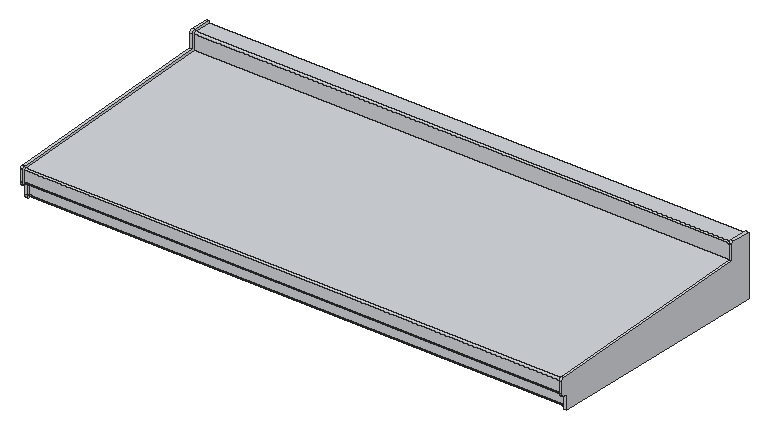
Revit family "LA_WH", category Generic Models, Revit 2022
Family settings
  Can host rebar = No
  Round Connector Dimension = Use Diameter
  Part Type = Normal
  Cut with Voids When Loaded = No
  Maintain Annotation Orientation = No
  Shared = No
  Room Calculation Point = No
Parameters (values of type "LA-WH.S500B")
  URL = "https://www.meilofriks.nl/luifels/type-la-vlak/"
  Start_extrusion_R [instance] = if(Eindschot Rechts, 6 mm, 0 mm)  # 6 mm
  Start_extrusion_L [instance] = if(Eindschot Links, 6 mm, 0 mm)  # 6 mm
  Rad_5 = 5.3 mm
  Rad_3 = 3.234 mm
  Model = "LA-WH.S500B"
  Manufacturer = "Meilof Riks B.V."  # constant formula
  built-in parameter 1001306 [instance] = 1200 mm
  Kleur [instance] = none
  Hoogte_voorzijde = 60 mm
  Hoogte_rug = 125 mm
  Eindschot Rechts [instance] = yes
  Eindschot Links [instance] = yes
  Diepte_luifel = 500 mm
  Description = "Luifel vlak"  # constant formula
  Default Elevation = 0 mm
Types (4, lengths in mm): name | Model | Diepte_luifel
  (no name) | "LA-WH.S500B" | 500
  LA-WH.S400B | "LA-WH.S400B" | 400
  LA-WH.S450B | "LA-WH.S450B" | 450
  LA-WH.S500B | "LA-WH.S500B" | 500
Reference planes
  plane 1 "Center (Front/Back)": y = 0
  plane 2: z = 0
  plane 3 "Left": x = 0
  plane 4 "Right": x = 1200
  plane 5: z = 125
  plane 6: z = 89
  plane 7: y = -42
  plane 8: y = -500
  plane 9: z = 60
  plane 10: y = -12.701
  plane 11: x = 1194
  plane 12: x = 6
  plane 13: z = 3.7
  plane 14: y = -480
  plane 15: y = -468
  plane 16: y = -456
  plane 17: y = -512
  plane 18: z = 30
Forms (mm)
  Extrusion 1, solid, material <- "Kleur"
    sketch origin (0, 0, 0) x (0, 1, 0) y (0, 0, 1)
      loop
        arc (-508.965, 60.187) -> (-511.122, 59.175) -> (-512, 56.96) r 3.234
        line (-512, 56.96) -> (-512, 33)
        arc (-512, 33) -> (-510.004, 30.012) -> (-506.48, 30.713) r 3.234
        line (-506.48, 30.713) -> (-500, 37.193) -> (-500, 3.234)
        arc (-500, 3.234) -> (-499.053, 0.947) -> (-496.766, 0) r 3.234
        line (-496.766, 0) -> (-480.799, 0)
        arc (-480.799, 0) -> (-480.009, 0.059) -> (-479.237, 0.235) r 5.3
        line (-479.237, 0.235) -> (-469.562, 3.219)
        arc (-469.562, 3.219) -> (-468, 3.454) -> (-466.438, 3.219) r 5.3
        line (-466.438, 3.219) -> (-456.763, 0.235)
        arc (-456.763, 0.235) -> (-455.991, 0.059) -> (-455.201, 0) r 5.3
        line (-455.201, 0) -> (-60, 0) -> (-60, -3) -> (0, -3) -> (0, 57) -> (-3, 57) -> (-3, 0) -> (-8.076, 0) -> (-8.076, 50) -> (0, 68.297) -> (0, 125.145) -> (-38.964, 125.145)
        arc (-38.964, 125.145) -> (-41.25, 124.198) -> (-42.198, 121.911) r 3.234
        line (-42.198, 121.911) -> (-42.198, 88.988) -> (-508.965, 60.187)
    from 6 to 1194
  Extrusion 2, solid, material <- "Kleur", visible <- "Eindschot Links"
    sketch origin (0, 0, 0) x (0, 1, 0) y (0, 0, 1)
      loop
        line (-45, 91.821) -> (-510.026, 63.127)
        arc (-510.026, 63.127) -> (-513.561, 61.468) -> (-515, 57.838) r 5.3
        line (-515, 57.838) -> (-515, 32.3)
        arc (-515, 32.3) -> (-513.448, 28.552) -> (-509.7, 27) r 5.3
        line (-509.7, 27) -> (-503, 27) -> (-503, 2.3)
        arc (-503, 2.3) -> (-501.448, -1.448) -> (-497.7, -3) r 5.3
        line (-497.7, -3) -> (0, -3) -> (0, 128) -> (-39.7, 128)
        arc (-39.7, 128) -> (-43.448, 126.448) -> (-45, 122.7) r 5.3
        line (-45, 122.7) -> (-45, 91.821)
    from 0 to 6
  Extrusion 3, solid, material <- "Kleur", visible <- "Eindschot Rechts"
    sketch origin (1200, 500, 1219.2) x (0, 1, 0) y (0, 0, 1)
      loop
        line (-545, -1127.379) -> (-1010.026, -1156.073)
        arc (-1010.026, -1156.073) -> (-1013.561, -1157.732) -> (-1015, -1161.362) r 5.3
        line (-1015, -1161.362) -> (-1015, -1186.9)
        arc (-1015, -1186.9) -> (-1013.448, -1190.648) -> (-1009.7, -1192.2) r 5.3
        line (-1009.7, -1192.2) -> (-1003, -1192.2) -> (-1003, -1222.2) -> (-500, -1222.2) -> (-500, -1091.2) -> (-539.7, -1091.2)
        arc (-539.7, -1091.2) -> (-543.448, -1092.752) -> (-545, -1096.5) r 5.3
        line (-545, -1096.5) -> (-545, -1127.379)
    from -6 to 0
Lines and regions (mm)
  reference lines
    curve 1: line (0, 0, 0) -> (1200, 0, 0)
    curve 2: line (0, -42, 89) -> (0, -512, 60)
    curve 3: line (0, -480, 0) -> (0, -468, 3.7)
    curve 4: line (0, -468, 3.7) -> (0, -456, 0)
Dimensions and locks
  "built-in parameter 1001306": plane 3 "Left" to plane 4 "Right"
  "Hoogte_rug": plane 5 to level
  locked: plane 5 to plane 6 at 36
  locked: plane 7 to plane 1 "Center (Front/Back)" at 42
  "Diepte_luifel": plane 8 to plane 1 "Center (Front/Back)"
  "Hoogte_voorzijde": plane 9 to level
  locked: Extrusion 1 sketch curve to level at 50
  locked: Extrusion 1 sketch curve to Extrusion 1 sketch curve at 20
  Extrusion 1 sketch curve to plane 1 "Center (Front/Back)" = 60 mm
  locked: Extrusion 1 sketch curve to level at 57
  Extrusion 1 sketch curve to plane 1 "Center (Front/Back)" = 8.076 mm
  plane 10 to plane 1 "Center (Front/Back)" = 12.701 mm
  locked: Extrusion 1 sketch curve to plane 1 "Center (Front/Back)" at 3
  locked: level to Extrusion 1 sketch curve at 3
  "Start_extrusion_L": plane 3 "Left" to plane 12
  "Start_extrusion_R": plane 11 to plane 4 "Right"
  locked: Extrusion 2 sketch curve to plane 7 at 3
  locked: Extrusion 2 sketch curve to plane 5 at 3
  locked: Extrusion 2 sketch curve to Extrusion 1 at 3
  locked: level to Extrusion 2 sketch curve at 3
  locked: Extrusion 2 sketch curve to plane 8 at 3
  locked: Extrusion 3 sketch curve to plane 5 at 3
  locked: Extrusion 3 sketch curve to plane 7 at 3
  locked: Extrusion 3 sketch curve to Extrusion 1 at 3
  locked: level to Extrusion 3 sketch curve at 3
  locked: plane 13 to level at 3.7
  locked: plane 8 to plane 14 at 20
  locked: plane 14 to plane 15 at 12
  locked: plane 15 to plane 16 at 12
  locked: plane 17 to plane 8 at 12
  locked: plane 9 to Extrusion 1 sketch curve at 27
  locked: Extrusion 3 sketch curve to plane 8 at 3
  locked: plane 18 to Extrusion 3 sketch curve at 3
  locked: Extrusion 3 sketch curve to plane 17 at 3
  locked: Extrusion 2 sketch curve to plane 17 at 3
  locked: plane 18 to Extrusion 2 sketch curve at 3
  "Rad_3": radius of Extrusion 1 sketch curve  (x4)
  "Rad_5": radius of Extrusion 2 sketch curve  (x4)
  "Rad_5": radius of Extrusion 3 sketch curve  (x3)
  "Rad_5": radius of Extrusion 1 sketch curve  (x3)
  angle Extrusion 1 sketch curve to plane 8 = 45.00°
  aligned and locked: plane 4 "Right" to curve 1
  aligned and locked: plane 1 "Center (Front/Back)" to curve 1
  aligned and locked: plane 3 "Left" to curve 1
  aligned and locked: level to plane 2
  aligned and locked: Extrusion 1 sketch curve to level
  aligned and locked: plane 9 to curve 2
  aligned and locked: plane 6 to curve 2
  aligned and locked: plane 7 to curve 2
  aligned and locked: Extrusion 1 sketch curve to curve 2
  aligned and locked: Extrusion 1 to plane 12
  aligned and locked: Extrusion 1 to plane 11
  aligned and locked: plane 1 "Center (Front/Back)" to Extrusion 2 sketch curve
  aligned and locked: Extrusion 2 to plane 3 "Left"
  aligned and locked: plane 1 "Center (Front/Back)" to Extrusion 3 sketch curve
  aligned and locked: Extrusion 3 to plane 4 "Right"
  aligned and locked: plane 13 to curve 3
  aligned and locked: plane 15 to curve 4
  aligned and locked: plane 16 to curve 4
  aligned and locked: plane 14 to curve 3
  aligned and locked: curve 3 to Extrusion 1 sketch curve
  aligned and locked: curve 4 to Extrusion 1 sketch curve
  aligned and locked: plane 17 to curve 2
  aligned and locked: Extrusion 1 sketch curve to plane 17
  aligned and locked: Extrusion 1 sketch curve to plane 8
Automatic sketch dimensions
  curve 3 to level = 0 mm
  curve 4 to level = 0 mm
  Extrusion 1 sketch curve to level = 0 mm  (x2)
  Extrusion 1 sketch curve to plane 1 "Center (Front/Back)" = 0 mm  (x2)
  Extrusion 1 sketch curve to plane 6 = 0.012 mm
  Extrusion 1 sketch curve to plane 5 = 3.089 mm
